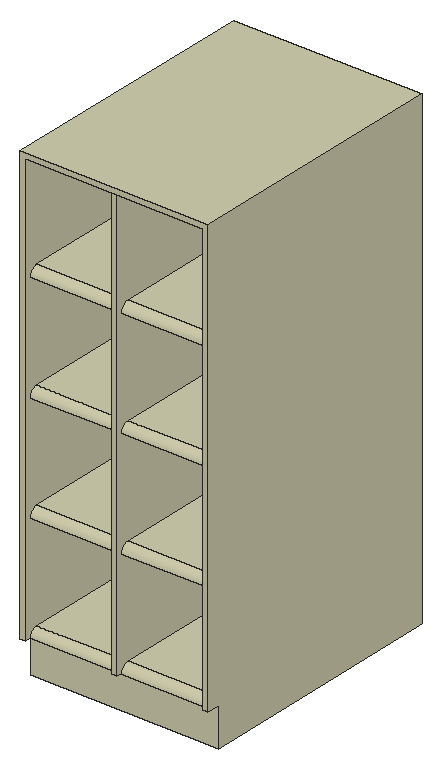
Revit family "Wenger Cabinet 28", category Furniture, Revit 2011
Parameters (values of type "Standard Cabinet #28")
  URL = "http://www.wengercorp.com/Home/Contact.html"
  Toekick Material [instance] = none
  RH End Panel [instance] = no
  Model = "28"
  Manufacturer = "Wenger Corporation"
  LH End Panel [instance] = no
  End Panel Material [instance] = none
  Edge Banding Material [instance] = none
  Door Material [instance] = none
  Description = "Standard Cabinet #28"
  Cabinet Width = 2' - 3 1/2"
  Cabinet Label = Labels : Standard
  Cabinet Height = 5' - 9 3/4"
  Cabinet Depth = 3' - 3 1/4"
  Cabinet Back Thickness = 0' - 0 3/4"
  Assembly Code = ""
Types (4): name | Model | Description | Cabinet Width | Cabinet Label | Cabinet Depth | Cabinet Back Thickness
  Standard Cabinet #28 | "28" | "Standard Cabinet #28" | 2' - 3 1/2" | Labels : Standard | 3' - 3 1/4" | 0' - 0 3/4"
  Acoustic Cabinet #28 | "28A" | "Acoustic Cabinet #28" | 2' - 3 1/2" | Labels : Acoustic | 3' - 5 3/4" | 0' - 3 1/4"
  Narrow Acoustic Cabinet #28 | "28NA" | "Narrow Acoustic Cabinet #28" | 1' - 9 1/2" | Labels : Narrow Acoustic | 3' - 5 3/4" | 0' - 3 1/4"
  Narrow Cabinet #28 | "28N" | "Narrow Cabinet #28" | 1' - 9 1/2" | Labels : Narrow | 3' - 3 1/4" | 0' - 0 3/4"
Reference planes (in)
  plane 1 "Front": y = 0
  plane 2: z = 0
  plane 3 "Left": x = 0
  plane 4 "Right": x = 27.5
  plane 5 "Back": y = 39.25
  plane 6 "Top": z = 69.75
  plane 7: z = 5.625
  plane 8: z = 21.46875
  plane 9: z = 37.3125
  plane 10: z = 53.15625
  plane 11: x = 0.75
  plane 12: x = 26.75
  plane 13: z = 69
  plane 14: x = 13.375
  plane 15: x = 14.125
  plane 16: y = 38.5
  plane 17: y = 2
  plane 18: y = 0.75
  plane 19: z = 22.59375
  plane 20: z = 38.4375
  plane 21: z = 54.28125
  plane 22: z = 6.75
Forms (in)
  Extrusion 1, solid, material "Wenger - Oyster"
    sketch origin (0, 0, 0) x (0, 1, 0) y (0, 0, 1)
      loop
        line (0, 69.75) -> (0, 5.625) -> (2, 5.625) -> (2, 0) -> (39.25, 0) -> (39.25, 69.75) -> (0, 69.75)
    from 0 to 27.5
  Extrusion 2, void
    sketch origin (0, 0, 0) x (0, 1, 0) y (0, 0, 1)
      loop
        line (-5.5, 69) -> (-5.5, 5.625) -> (0.75, 5.625)
        arc (0.75, 5.625) -> (1.18296, 6.40088) -> (2, 6.75) r 1.375
        line (2, 6.75) -> (38.5, 6.75) -> (38.5, 21.46875) -> (0.75, 21.46875)
        arc (0.75, 21.46875) -> (1.18296, 22.24463) -> (2, 22.59375) r 1.375
        line (2, 22.59375) -> (38.5, 22.59375) -> (38.5, 37.3125) -> (0.75, 37.3125)
        arc (0.75, 37.3125) -> (1.18296, 38.08838) -> (2, 38.4375) r 1.375
        line (2, 38.4375) -> (38.5, 38.4375) -> (38.5, 53.15625) -> (0.75, 53.15625)
        arc (0.75, 53.15625) -> (1.18296, 53.93213) -> (2, 54.28125) r 1.375
        line (2, 54.28125) -> (38.5, 54.28125) -> (38.5, 69) -> (-5.5, 69)
    from 0.75 to 13.375
  Extrusion 3, void
    sketch origin (0, 0, 0) x (0, 1, 0) y (0, 0, 1)
      loop
        line (-5.5, 69) -> (-5.5, 5.625) -> (0.75, 5.625)
        arc (0.75, 5.625) -> (1.18296, 6.40088) -> (2, 6.75) r 1.375
        line (2, 6.75) -> (38.5, 6.75) -> (38.5, 21.46875) -> (0.75, 21.46875)
        arc (0.75, 21.46875) -> (1.18296, 22.24463) -> (2, 22.59375) r 1.375
        line (2, 22.59375) -> (38.5, 22.59375) -> (38.5, 37.3125) -> (0.75, 37.3125)
        arc (0.75, 37.3125) -> (1.18296, 38.08838) -> (2, 38.4375) r 1.375
        line (2, 38.4375) -> (38.5, 38.4375) -> (38.5, 53.15625) -> (0.75, 53.15625)
        arc (0.75, 53.15625) -> (1.18296, 53.93213) -> (2, 54.28125) r 1.375
        line (2, 54.28125) -> (38.5, 54.28125) -> (38.5, 69) -> (-5.5, 69)
    from 14.125 to 26.75
  Extrusion 4, void
    sketch origin (0, 0, 0) x (0, 1, 0) y (0, 0, 1)
      loop
        line (0, 69) -> (0, 5.625) -> (0.0625, 5.625) -> (0.0625, 69) -> (0, 69)
    from 0.75 to 26.75
Cuts and joins
  Extrusion 2, Extrusion 3, Extrusion 4 cuts Extrusion 1
Lines and regions (in)
  symbolic lines
    curve 1: line (0, 39.25, 0) -> (27.5, 39.25, 0)
    curve 2: line (0, 0, 0) -> (0, 39.25, 0)
    curve 3: line (27.5, 0, 0) -> (0, 0, 0)
    curve 4: line (27.5, 39.25, 0) -> (27.5, 0, 0)
Text (in)
  text "01" at (13.28235, 0, 97.09414), in view "Front"
Dimensions and locks (in)
  locked: plane 3 "Left" to plane 11 at 0.75
  locked: plane 14 to plane 15 at 0.75
  locked: plane 12 to plane 4 "Right" at 0.75
  "Cabinet Back Thickness": plane 5 "Back" to plane 16
  locked: plane 1 "Front" to plane 18 at 0.75
  locked: plane 1 "Front" to plane 17 at 2
  locked: plane 19 to plane 8 at 1.125
  locked: plane 20 to plane 9 at 1.125
  locked: plane 21 to plane 10 at 1.125
  locked: plane 6 "Top" to plane 13 at 0.75
  equal spacing: plane 13, plane 10, plane 9, plane 8, plane 7
  locked: plane 22 to plane 7 at 1.125
  equal spacing: plane 12, plane 14, plane 3 "Left"
  "Cabinet Width": plane 3 "Left" to plane 4 "Right"
  locked: plane 7 to level at 5.625
  "Cabinet Height": plane 6 "Top" to level
  "Cabinet Depth": plane 1 "Front" to plane 5 "Back"
  plane 11 to plane 12 = 2' - 2"
  plane 13 to plane 7 = 5' - 3 3/8"
  aligned and locked: Extrusion 1 sketch curve to plane 6 "Top"
  aligned and locked: Extrusion 1 sketch curve to plane 5 "Back"
  aligned and locked: Extrusion 1 sketch curve to plane 1 "Front"
  aligned and locked: Extrusion 1 sketch curve to plane 7
  aligned and locked: Extrusion 1 sketch curve to plane 17
  aligned and locked: Extrusion 1 sketch curve to level
  aligned and locked: Extrusion 1 to plane 4 "Right"
  aligned and locked: Extrusion 1 to plane 3 "Left"
  aligned and locked: Extrusion 2 sketch curve to plane 13
  aligned and locked: Extrusion 2 sketch curve to plane 16
  aligned and locked: Extrusion 2 sketch curve to plane 10
  aligned and locked: Extrusion 2 sketch curve to plane 20
  aligned and locked: Extrusion 2 sketch curve to plane 9
  aligned and locked: Extrusion 2 sketch curve to plane 19
  aligned and locked: Extrusion 2 sketch curve to plane 8
  aligned and locked: Extrusion 2 sketch curve to plane 22
  aligned and locked: Extrusion 2 sketch curve to plane 21
  aligned and locked: Extrusion 2 to plane 11
  aligned and locked: plane 14 to Extrusion 2
  aligned and locked: Extrusion 3 to plane 12
  aligned and locked: Extrusion 4 sketch curve to cut or joined group of Extrusion 1, Extrusion 2, Extrusion 3, Extrusion 4  (x3)
  aligned and locked: Extrusion 4 to plane 12
  aligned and locked: Extrusion 4 to plane 11
  aligned and locked: plane 3 "Left" to curve 2
  aligned and locked: curve 1 to plane 5 "Back"
  aligned and locked: plane 4 "Right" to curve 4
  aligned and locked: curve 3 to plane 1 "Front"
  aligned and locked: Extrusion 3 to plane 15
Automatic sketch dimensions
  Extrusion 2 sketch curve to plane 7 = 0' - 0"
  Extrusion 2 sketch curve to plane 18 = 0' - 0"  (x4)
  Extrusion 2 sketch curve to plane 17 = 0' - 0"  (x4)
  Extrusion 2 sketch curve to plane 16 = 0' - 0"  (x3)
  plane 1 "Front" to Extrusion 2 sketch curve = 0' - 5 1/2"
  Extrusion 2 sketch curve to plane 17 = 0' - 0.10279"  (x4)
  Extrusion 3 sketch curve to plane 13 = 0' - 0"
  Extrusion 3 sketch curve to plane 7 = 0' - 0"
  Extrusion 3 sketch curve to plane 18 = 0' - 0"  (x4)
  Extrusion 3 sketch curve to plane 10 = 0' - 0"
  Extrusion 3 sketch curve to plane 8 = 0' - 0"
  Extrusion 3 sketch curve to plane 9 = 0' - 0"
  Extrusion 3 sketch curve to plane 17 = 0' - 0"  (x4)
  Extrusion 3 sketch curve to plane 16 = 0' - 0"  (x4)
  Extrusion 3 sketch curve to plane 22 = 0' - 0"
  Extrusion 3 sketch curve to plane 19 = 0' - 0"
  Extrusion 3 sketch curve to plane 20 = 0' - 0"
  Extrusion 3 sketch curve to plane 21 = 0' - 0"
  plane 1 "Front" to Extrusion 3 sketch curve = 0' - 5 1/2"
  Extrusion 3 sketch curve to plane 17 = 0' - 0.10279"  (x4)
  plane 18 to Extrusion 4 sketch curve = 0' - 0 11/16"
Nested families (in)
  nested 1: "LH End Panel" at (0, 24.25, 0) x (0, -1, 0) z (0, 0, 1), End Panel Material <- "End Panel Material", visible <- "LH End Panel", Edge Banding Material <- "Edge Banding Material", type "20x84 LH"
    with End Panel Material none, Edge Banding Material none, End Panel Height 5' - 9 3/4", End Panel Depth 3' - 3 1/4"
  nested 2: "RH End Panel" at (28.25, 24.25, 0) x (0, -1, 0) z (0, 0, 1), End Panel Material <- "End Panel Material", visible <- "RH End Panel", Edge Banding Material <- "Edge Banding Material", type "20x84 RH"
    with End Panel Material none, Edge Banding Material none, End Panel Height 5' - 9 3/4", End Panel Depth 3' - 3 1/4"
  nested 3: "Labels" at (11.125, 18.76718, 0), type <- "Cabinet Label", type "Standard"
  nested 4: "Front Note" at (11.125, 0.75, 0), type "Front Note", detail levels medium+fine
Definition of nested family "LH End Panel"
  Parameters (values of type "20x84 LH")
    End Panel Material [instance] = none
    End Panel Height = 7' - 1 5/8"
    End Panel Depth = 1' - 7 1/4"
    Edge Banding Material [instance] = none
    Default Elevation = 4' - 0"
    Assembly Code = ""
  Reference planes (in)
    plane 1 "Center (Front/Back)": y = 0
    plane 2: z = 0
    plane 3 "Center (Left/Right)": x = 0
    plane 4: x = -15
    plane 5: x = 4.25
    plane 6: z = 5.625
    plane 7: x = 2.25
    plane 8: z = 85.625
    plane 9: y = -0.75
  Forms (in)
    Extrusion 1, solid, material <- "End Panel Material"
      sketch origin (0, 0, 0) x (1, 0, 0) y (0, 0, 1)
        loop
          line (-15, 85.625) -> (-15, 0) -> (2.25, 0) -> (2.25, 5.625) -> (4.25, 5.625) -> (4.25, 85.625) -> (-15, 85.625)
      from 0 to 0.75
  Dimensions and locks (in)
    locked: plane 7 to plane 5 at 2
    locked: plane 6 to level at 5.625
    "End Panel Height": plane 8 to level
    "End Panel Depth": plane 5 to plane 4
    locked: plane 9 to plane 1 "Center (Front/Back)" at 0.75
    aligned and locked: plane 4 to Extrusion 1 sketch curve
    aligned and locked: level to Extrusion 1 sketch curve
    aligned and locked: plane 7 to Extrusion 1 sketch curve
    aligned and locked: plane 6 to Extrusion 1 sketch curve
    aligned and locked: Extrusion 1 sketch curve to plane 5
    aligned and locked: Extrusion 1 sketch curve to plane 8
    aligned and locked: Extrusion 1 to plane 9
    aligned and locked: Extrusion 1 to plane 1 "Center (Front/Back)"
Definition of nested family "RH End Panel"
  Parameters (values of type "20x84 RH")
    End Panel Material [instance] = none
    End Panel Height = 7' - 1 5/8"
    End Panel Depth = 1' - 7 1/4"
    Edge Banding Material [instance] = none
    Default Elevation = 4' - 0"
    Assembly Code = ""
  Reference planes (in)
    plane 1 "Center (Front/Back)": y = 0
    plane 2: z = 0
    plane 3 "Center (Left/Right)": x = 0
    plane 4: x = -15
    plane 5: x = 4.25
    plane 6: z = 5.625
    plane 7: x = 2.25
    plane 8: z = 85.625
    plane 9: y = -0.75
  Forms (in)
    Extrusion 1, solid, material <- "End Panel Material"
      sketch origin (0, 0, 0) x (1, 0, 0) y (0, 0, 1)
        loop
          line (-15, 85.625) -> (-15, 0) -> (2.25, 0) -> (2.25, 5.625) -> (4.25, 5.625) -> (4.25, 85.625) -> (-15, 85.625)
      from 0 to 0.75
  Dimensions and locks (in)
    locked: plane 7 to plane 5 at 2
    locked: plane 6 to level at 5.625
    "End Panel Height": plane 8 to level
    "End Panel Depth": plane 5 to plane 4
    locked: plane 9 to plane 1 "Center (Front/Back)" at 0.75
    aligned and locked: plane 4 to Extrusion 1 sketch curve
    aligned and locked: level to Extrusion 1 sketch curve
    aligned and locked: plane 7 to Extrusion 1 sketch curve
    aligned and locked: plane 6 to Extrusion 1 sketch curve
    aligned and locked: Extrusion 1 sketch curve to plane 5
    aligned and locked: Extrusion 1 sketch curve to plane 8
    aligned and locked: Extrusion 1 to plane 9
    aligned and locked: Extrusion 1 to plane 1 "Center (Front/Back)"
Definition of nested family "Labels"
  Parameters (values of type "Standard")
    Cabinet Label = "01"
  Types (4): name | Cabinet Label
    Standard | "01"
    Narrow | "01N"
    Narrow Acoustic | "01NA"
    Acoustic | "01A"
  Reference planes (in)
    plane 1: y = 0
    plane 2: x = 0
  Text (in)
    label "xxxx" at (-0.00018, 0.00754, 0), shows "Cabinet Label"
Definition of nested family "Front Note"
  Parameters (values of type "Front Note")
    Cabinet Label = "Front"
  Reference planes (in)
    plane 1: y = 0
    plane 2: x = 0
  Text (in)
    label "Front" at (-0.00018, 0.00754, 0), shows "Cabinet Label"
